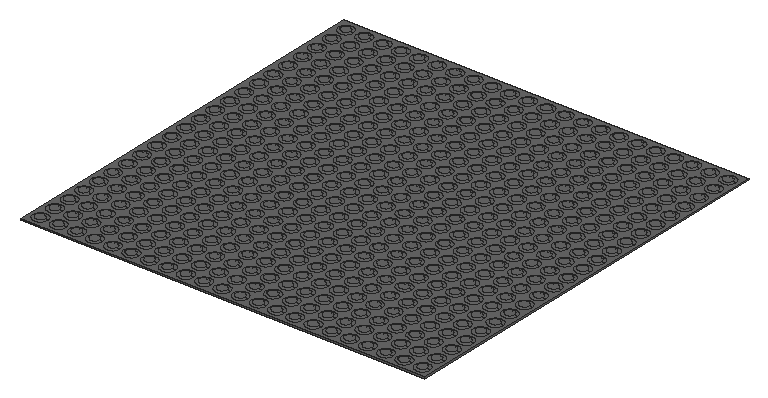
Revit family "141012027113804", category Modelos genéricos, Revit 2018 (continued)
Automatic sketch dimensions
  plane 9 "4" to Blend 81 sketch curve = 385.50 mm  (x2)
  Blend 82 sketch curve to Blend 82 sketch curve = 0.00 mm  (x4)
  Blend 82 sketch curve to plane 6 "3" = 162.50 mm  (x2)
  plane 9 "4" to Blend 82 sketch curve = 340.50 mm  (x2)
  Blend 83 sketch curve to Blend 83 sketch curve = 0.00 mm  (x4)
  plane 9 "4" to Blend 83 sketch curve = 295.50 mm  (x2)
  Blend 83 sketch curve to plane 6 "3" = 162.50 mm  (x2)
  Blend 84 sketch curve to Blend 84 sketch curve = 0.00 mm  (x4)
  plane 9 "4" to Blend 84 sketch curve = 250.50 mm  (x2)
  Blend 84 sketch curve to plane 6 "3" = 162.50 mm  (x2)
  Blend 85 sketch curve to Blend 85 sketch curve = 0.00 mm  (x4)
  plane 9 "4" to Blend 85 sketch curve = 205.50 mm  (x2)
  Blend 85 sketch curve to plane 6 "3" = 162.50 mm  (x2)
  Blend 86 sketch curve to Blend 86 sketch curve = 0.00 mm  (x4)
  plane 9 "4" to Blend 86 sketch curve = 160.50 mm  (x2)
  Blend 86 sketch curve to plane 6 "3" = 162.50 mm  (x2)
  Blend 87 sketch curve to Blend 87 sketch curve = 0.00 mm  (x4)
  plane 9 "4" to Blend 87 sketch curve = 115.50 mm  (x2)
  Blend 87 sketch curve to plane 6 "3" = 162.50 mm  (x2)
  Blend 88 sketch curve to Blend 88 sketch curve = 0.00 mm  (x4)
  plane 9 "4" to Blend 88 sketch curve = 70.50 mm  (x2)
  Blend 88 sketch curve to plane 6 "3" = 162.50 mm  (x2)
  Blend 89 sketch curve to Blend 89 sketch curve = 0.00 mm  (x4)
  plane 9 "4" to Blend 89 sketch curve = 25.50 mm  (x2)
  Blend 89 sketch curve to plane 6 "3" = 162.50 mm  (x2)
  Blend 90 sketch curve to Blend 90 sketch curve = 0.00 mm  (x4)
  Blend 90 sketch curve to plane 7 = 27.50 mm  (x2)
  Blend 90 sketch curve to plane 6 "3" = 207.50 mm  (x2)
  Blend 91 sketch curve to Blend 91 sketch curve = 0.00 mm  (x4)
  Blend 91 sketch curve to plane 7 = 72.50 mm  (x2)
  Blend 91 sketch curve to plane 6 "3" = 207.50 mm  (x2)
  Blend 92 sketch curve to Blend 92 sketch curve = 0.00 mm  (x4)
  Blend 92 sketch curve to plane 7 = 117.50 mm  (x2)
  Blend 92 sketch curve to plane 6 "3" = 207.50 mm  (x2)
  Blend 93 sketch curve to Blend 93 sketch curve = 0.00 mm  (x4)
  Blend 93 sketch curve to plane 7 = 162.50 mm  (x2)
  Blend 93 sketch curve to plane 6 "3" = 207.50 mm  (x2)
  Blend 94 sketch curve to Blend 94 sketch curve = 0.00 mm  (x4)
  Blend 94 sketch curve to plane 7 = 207.50 mm  (x2)
  Blend 94 sketch curve to plane 6 "3" = 207.50 mm  (x2)
  Blend 95 sketch curve to Blend 95 sketch curve = 0.00 mm  (x4)
  Blend 95 sketch curve to plane 7 = 252.50 mm  (x2)
  Blend 95 sketch curve to plane 6 "3" = 207.50 mm  (x2)
  Blend 96 sketch curve to Blend 96 sketch curve = 0.00 mm  (x4)
  Blend 96 sketch curve to plane 7 = 297.50 mm  (x2)
  Blend 96 sketch curve to plane 6 "3" = 207.50 mm  (x2)
  Blend 97 sketch curve to Blend 97 sketch curve = 0.00 mm  (x4)
  Blend 97 sketch curve to plane 7 = 342.50 mm  (x2)
  Blend 97 sketch curve to plane 6 "3" = 207.50 mm  (x2)
  Blend 98 sketch curve to Blend 98 sketch curve = 0.00 mm  (x4)
  Blend 98 sketch curve to plane 7 = 387.50 mm  (x2)
  Blend 98 sketch curve to plane 6 "3" = 207.50 mm  (x2)
  Blend 99 sketch curve to Blend 99 sketch curve = 0.00 mm  (x4)
  Blend 99 sketch curve to plane 6 "3" = 207.50 mm  (x2)
  Blend 99 sketch curve to plane 7 = 432.50 mm  (x2)
  Blend 100 sketch curve to Blend 100 sketch curve = 0.00 mm  (x4)
  Blend 100 sketch curve to plane 6 "3" = 207.50 mm  (x2)
  Blend 100 sketch curve to plane 7 = 477.50 mm  (x2)
  Blend 101 sketch curve to Blend 101 sketch curve = 0.00 mm  (x4)
  Blend 101 sketch curve to plane 6 "3" = 207.50 mm  (x2)
  plane 9 "4" to Blend 101 sketch curve = 475.50 mm  (x2)
  Blend 102 sketch curve to Blend 102 sketch curve = 0.00 mm  (x4)
  Blend 102 sketch curve to plane 6 "3" = 207.50 mm  (x2)
  plane 9 "4" to Blend 102 sketch curve = 430.50 mm  (x2)
  Blend 103 sketch curve to Blend 103 sketch curve = 0.00 mm  (x4)
  plane 9 "4" to Blend 103 sketch curve = 385.50 mm  (x2)
  Blend 103 sketch curve to plane 6 "3" = 207.50 mm  (x2)
  Blend 104 sketch curve to Blend 104 sketch curve = 0.00 mm  (x4)
  plane 9 "4" to Blend 104 sketch curve = 340.50 mm  (x2)
  Blend 104 sketch curve to plane 6 "3" = 207.50 mm  (x2)
  Blend 105 sketch curve to Blend 105 sketch curve = 0.00 mm  (x4)
  plane 9 "4" to Blend 105 sketch curve = 295.50 mm  (x2)
  Blend 105 sketch curve to plane 6 "3" = 207.50 mm  (x2)
  Blend 106 sketch curve to Blend 106 sketch curve = 0.00 mm  (x4)
  plane 9 "4" to Blend 106 sketch curve = 250.50 mm  (x2)
  Blend 106 sketch curve to plane 6 "3" = 207.50 mm  (x2)
  Blend 107 sketch curve to Blend 107 sketch curve = 0.00 mm  (x4)
  plane 9 "4" to Blend 107 sketch curve = 205.50 mm  (x2)
  Blend 107 sketch curve to plane 6 "3" = 207.50 mm  (x2)
  Blend 108 sketch curve to Blend 108 sketch curve = 0.00 mm  (x4)
  plane 9 "4" to Blend 108 sketch curve = 160.50 mm  (x2)
  Blend 108 sketch curve to plane 6 "3" = 207.50 mm  (x2)
  Blend 109 sketch curve to Blend 109 sketch curve = 0.00 mm  (x4)
  plane 9 "4" to Blend 109 sketch curve = 115.50 mm  (x2)
  Blend 109 sketch curve to plane 6 "3" = 207.50 mm  (x2)
  Blend 110 sketch curve to Blend 110 sketch curve = 0.00 mm  (x4)
  plane 9 "4" to Blend 110 sketch curve = 70.50 mm  (x2)
  Blend 110 sketch curve to plane 6 "3" = 207.50 mm  (x2)
  Blend 111 sketch curve to Blend 111 sketch curve = 0.00 mm  (x4)
  plane 9 "4" to Blend 111 sketch curve = 25.50 mm  (x2)
  Blend 111 sketch curve to plane 6 "3" = 207.50 mm  (x2)
  Blend 112 sketch curve to Blend 112 sketch curve = 0.00 mm  (x4)
  Blend 112 sketch curve to plane 7 = 27.50 mm  (x2)
  plane 1 "Center F/B" to Blend 112 sketch curve = 247.50 mm  (x2)
  Blend 113 sketch curve to Blend 113 sketch curve = 0.00 mm  (x4)
  Blend 113 sketch curve to plane 7 = 72.50 mm  (x2)
  plane 1 "Center F/B" to Blend 113 sketch curve = 247.50 mm  (x2)
  Blend 114 sketch curve to Blend 114 sketch curve = 0.00 mm  (x4)
  Blend 114 sketch curve to plane 7 = 117.50 mm  (x2)
  plane 1 "Center F/B" to Blend 114 sketch curve = 247.50 mm  (x2)
  Blend 115 sketch curve to Blend 115 sketch curve = 0.00 mm  (x4)
  Blend 115 sketch curve to plane 7 = 162.50 mm  (x2)
  plane 1 "Center F/B" to Blend 115 sketch curve = 247.50 mm  (x2)
  Blend 116 sketch curve to Blend 116 sketch curve = 0.00 mm  (x4)
  Blend 116 sketch curve to plane 7 = 207.50 mm  (x2)
  plane 1 "Center F/B" to Blend 116 sketch curve = 247.50 mm  (x2)
  Blend 117 sketch curve to Blend 117 sketch curve = 0.00 mm  (x4)
  Blend 117 sketch curve to plane 7 = 252.50 mm  (x2)
  plane 1 "Center F/B" to Blend 117 sketch curve = 247.50 mm  (x2)
  Blend 118 sketch curve to Blend 118 sketch curve = 0.00 mm  (x4)
  Blend 118 sketch curve to plane 7 = 297.50 mm  (x2)
  plane 1 "Center F/B" to Blend 118 sketch curve = 247.50 mm  (x2)
  Blend 119 sketch curve to Blend 119 sketch curve = 0.00 mm  (x4)
  Blend 119 sketch curve to plane 7 = 342.50 mm  (x2)
  plane 1 "Center F/B" to Blend 119 sketch curve = 247.50 mm  (x2)
  Blend 120 sketch curve to Blend 120 sketch curve = 0.00 mm  (x4)
  Blend 120 sketch curve to plane 7 = 387.50 mm  (x2)
  plane 1 "Center F/B" to Blend 120 sketch curve = 247.50 mm  (x2)
  Blend 121 sketch curve to Blend 121 sketch curve = 0.00 mm  (x4)
  Blend 121 sketch curve to plane 7 = 432.50 mm  (x2)
  plane 1 "Center F/B" to Blend 121 sketch curve = 247.50 mm  (x2)
  Blend 122 sketch curve to Blend 122 sketch curve = 0.00 mm  (x4)
  Blend 122 sketch curve to plane 7 = 477.50 mm  (x2)
  plane 1 "Center F/B" to Blend 122 sketch curve = 247.50 mm  (x2)
  Blend 123 sketch curve to Blend 123 sketch curve = 0.00 mm  (x4)
  plane 9 "4" to Blend 123 sketch curve = 475.50 mm  (x2)
  plane 1 "Center F/B" to Blend 123 sketch curve = 247.50 mm  (x2)
  Blend 124 sketch curve to Blend 124 sketch curve = 0.00 mm  (x4)
  plane 9 "4" to Blend 124 sketch curve = 430.50 mm  (x2)
  plane 1 "Center F/B" to Blend 124 sketch curve = 247.50 mm  (x2)
  Blend 125 sketch curve to Blend 125 sketch curve = 0.00 mm  (x4)
  plane 9 "4" to Blend 125 sketch curve = 385.50 mm  (x2)
  plane 1 "Center F/B" to Blend 125 sketch curve = 247.50 mm  (x2)
  Blend 126 sketch curve to Blend 126 sketch curve = 0.00 mm  (x4)
  plane 9 "4" to Blend 126 sketch curve = 340.50 mm  (x2)
  plane 1 "Center F/B" to Blend 126 sketch curve = 247.50 mm  (x2)
  Blend 127 sketch curve to Blend 127 sketch curve = 0.00 mm  (x4)
  plane 9 "4" to Blend 127 sketch curve = 295.50 mm  (x2)
  plane 1 "Center F/B" to Blend 127 sketch curve = 247.50 mm  (x2)
  Blend 128 sketch curve to Blend 128 sketch curve = 0.00 mm  (x4)
  plane 9 "4" to Blend 128 sketch curve = 250.50 mm  (x2)
  plane 1 "Center F/B" to Blend 128 sketch curve = 247.50 mm  (x2)
  Blend 129 sketch curve to Blend 129 sketch curve = 0.00 mm  (x4)
  plane 9 "4" to Blend 129 sketch curve = 205.50 mm  (x2)
  plane 1 "Center F/B" to Blend 129 sketch curve = 247.50 mm  (x2)
  Blend 130 sketch curve to Blend 130 sketch curve = 0.00 mm  (x4)
  plane 9 "4" to Blend 130 sketch curve = 160.50 mm  (x2)
  plane 1 "Center F/B" to Blend 130 sketch curve = 247.50 mm  (x2)
  Blend 131 sketch curve to Blend 131 sketch curve = 0.00 mm  (x4)
  plane 9 "4" to Blend 131 sketch curve = 115.50 mm  (x2)
  plane 1 "Center F/B" to Blend 131 sketch curve = 247.50 mm  (x2)
  Blend 132 sketch curve to Blend 132 sketch curve = 0.00 mm  (x4)
  plane 9 "4" to Blend 132 sketch curve = 70.50 mm  (x2)
  plane 1 "Center F/B" to Blend 132 sketch curve = 247.50 mm  (x2)
  Blend 133 sketch curve to Blend 133 sketch curve = 0.00 mm  (x4)
  plane 9 "4" to Blend 133 sketch curve = 25.50 mm  (x2)
  plane 1 "Center F/B" to Blend 133 sketch curve = 247.50 mm  (x2)
  Blend 134 sketch curve to Blend 134 sketch curve = 0.00 mm  (x4)
  Blend 134 sketch curve to plane 7 = 27.50 mm  (x2)
  plane 1 "Center F/B" to Blend 134 sketch curve = 202.50 mm  (x2)
  Blend 135 sketch curve to Blend 135 sketch curve = 0.00 mm  (x4)
  Blend 135 sketch curve to plane 7 = 72.50 mm  (x2)
  plane 1 "Center F/B" to Blend 135 sketch curve = 202.50 mm  (x2)
  Blend 136 sketch curve to Blend 136 sketch curve = 0.00 mm  (x4)
  Blend 136 sketch curve to plane 7 = 117.50 mm  (x2)
  plane 1 "Center F/B" to Blend 136 sketch curve = 202.50 mm  (x2)
  Blend 137 sketch curve to Blend 137 sketch curve = 0.00 mm  (x4)
  Blend 137 sketch curve to plane 7 = 162.50 mm  (x2)
  plane 1 "Center F/B" to Blend 137 sketch curve = 202.50 mm  (x2)
  Blend 138 sketch curve to Blend 138 sketch curve = 0.00 mm  (x4)
  Blend 138 sketch curve to plane 7 = 207.50 mm  (x2)
  plane 1 "Center F/B" to Blend 138 sketch curve = 202.50 mm  (x2)
  Blend 139 sketch curve to Blend 139 sketch curve = 0.00 mm  (x4)
  Blend 139 sketch curve to plane 7 = 252.50 mm  (x2)
  plane 1 "Center F/B" to Blend 139 sketch curve = 202.50 mm  (x2)
  Blend 140 sketch curve to Blend 140 sketch curve = 0.00 mm  (x4)
  Blend 140 sketch curve to plane 7 = 297.50 mm  (x2)
  plane 1 "Center F/B" to Blend 140 sketch curve = 202.50 mm  (x2)
  Blend 141 sketch curve to Blend 141 sketch curve = 0.00 mm  (x4)
  Blend 141 sketch curve to plane 7 = 342.50 mm  (x2)
  plane 1 "Center F/B" to Blend 141 sketch curve = 202.50 mm  (x2)
  Blend 142 sketch curve to Blend 142 sketch curve = 0.00 mm  (x4)
  Blend 142 sketch curve to plane 7 = 387.50 mm  (x2)
  plane 1 "Center F/B" to Blend 142 sketch curve = 202.50 mm  (x2)
  Blend 143 sketch curve to Blend 143 sketch curve = 0.00 mm  (x4)
  plane 1 "Center F/B" to Blend 143 sketch curve = 202.50 mm  (x2)
  Blend 143 sketch curve to plane 7 = 432.50 mm  (x2)
  Blend 144 sketch curve to Blend 144 sketch curve = 0.00 mm  (x4)
  plane 1 "Center F/B" to Blend 144 sketch curve = 202.50 mm  (x2)
  Blend 144 sketch curve to plane 7 = 477.50 mm  (x2)
  Blend 145 sketch curve to Blend 145 sketch curve = 0.00 mm  (x4)
  plane 1 "Center F/B" to Blend 145 sketch curve = 202.50 mm  (x2)
  plane 9 "4" to Blend 145 sketch curve = 475.50 mm  (x2)
  Blend 146 sketch curve to Blend 146 sketch curve = 0.00 mm  (x4)
  plane 1 "Center F/B" to Blend 146 sketch curve = 202.50 mm  (x2)
  plane 9 "4" to Blend 146 sketch curve = 430.50 mm  (x2)
  Blend 147 sketch curve to Blend 147 sketch curve = 0.00 mm  (x4)
  plane 9 "4" to Blend 147 sketch curve = 385.50 mm  (x2)
  plane 1 "Center F/B" to Blend 147 sketch curve = 202.50 mm  (x2)
  Blend 148 sketch curve to Blend 148 sketch curve = 0.00 mm  (x4)
  plane 9 "4" to Blend 148 sketch curve = 340.50 mm  (x2)
  plane 1 "Center F/B" to Blend 148 sketch curve = 202.50 mm  (x2)
  Blend 149 sketch curve to Blend 149 sketch curve = 0.00 mm  (x4)
  plane 9 "4" to Blend 149 sketch curve = 295.50 mm  (x2)
  plane 1 "Center F/B" to Blend 149 sketch curve = 202.50 mm  (x2)
  Blend 150 sketch curve to Blend 150 sketch curve = 0.00 mm  (x4)
  plane 9 "4" to Blend 150 sketch curve = 250.50 mm  (x2)
  plane 1 "Center F/B" to Blend 150 sketch curve = 202.50 mm  (x2)
  Blend 151 sketch curve to Blend 151 sketch curve = 0.00 mm  (x4)
  plane 9 "4" to Blend 151 sketch curve = 205.50 mm  (x2)
  plane 1 "Center F/B" to Blend 151 sketch curve = 202.50 mm  (x2)
  Blend 152 sketch curve to Blend 152 sketch curve = 0.00 mm  (x4)
  plane 9 "4" to Blend 152 sketch curve = 160.50 mm  (x2)
  plane 1 "Center F/B" to Blend 152 sketch curve = 202.50 mm  (x2)
  Blend 153 sketch curve to Blend 153 sketch curve = 0.00 mm  (x4)
  plane 9 "4" to Blend 153 sketch curve = 115.50 mm  (x2)
  plane 1 "Center F/B" to Blend 153 sketch curve = 202.50 mm  (x2)
  Blend 154 sketch curve to Blend 154 sketch curve = 0.00 mm  (x4)
  plane 9 "4" to Blend 154 sketch curve = 70.50 mm  (x2)
  plane 1 "Center F/B" to Blend 154 sketch curve = 202.50 mm  (x2)
  Blend 155 sketch curve to Blend 155 sketch curve = 0.00 mm  (x4)
  plane 9 "4" to Blend 155 sketch curve = 25.50 mm  (x2)
  plane 1 "Center F/B" to Blend 155 sketch curve = 202.50 mm  (x2)
  Blend 156 sketch curve to Blend 156 sketch curve = 0.00 mm  (x4)
  Blend 156 sketch curve to plane 7 = 27.50 mm  (x2)
  plane 1 "Center F/B" to Blend 156 sketch curve = 157.50 mm  (x2)
  Blend 157 sketch curve to Blend 157 sketch curve = 0.00 mm  (x4)
  Blend 157 sketch curve to plane 7 = 72.50 mm  (x2)
  plane 1 "Center F/B" to Blend 157 sketch curve = 157.50 mm  (x2)
  Blend 158 sketch curve to Blend 158 sketch curve = 0.00 mm  (x4)
  Blend 158 sketch curve to plane 7 = 117.50 mm  (x2)
  plane 1 "Center F/B" to Blend 158 sketch curve = 157.50 mm  (x2)
  Blend 159 sketch curve to Blend 159 sketch curve = 0.00 mm  (x4)
  Blend 159 sketch curve to plane 7 = 162.50 mm  (x2)
  plane 1 "Center F/B" to Blend 159 sketch curve = 157.50 mm  (x2)
  Blend 160 sketch curve to Blend 160 sketch curve = 0.00 mm  (x4)
  Blend 160 sketch curve to plane 7 = 207.50 mm  (x2)
  plane 1 "Center F/B" to Blend 160 sketch curve = 157.50 mm  (x2)
  Blend 161 sketch curve to Blend 161 sketch curve = 0.00 mm  (x4)
  Blend 161 sketch curve to plane 7 = 252.50 mm  (x2)
  plane 1 "Center F/B" to Blend 161 sketch curve = 157.50 mm  (x2)
  Blend 162 sketch curve to Blend 162 sketch curve = 0.00 mm  (x4)
  Blend 162 sketch curve to plane 7 = 297.50 mm  (x2)
  plane 1 "Center F/B" to Blend 162 sketch curve = 157.50 mm  (x2)
  Blend 163 sketch curve to Blend 163 sketch curve = 0.00 mm  (x4)
  plane 1 "Center F/B" to Blend 163 sketch curve = 157.50 mm  (x2)
  Blend 163 sketch curve to plane 7 = 342.50 mm  (x2)
  Blend 164 sketch curve to Blend 164 sketch curve = 0.00 mm  (x4)
  plane 1 "Center F/B" to Blend 164 sketch curve = 157.50 mm  (x2)
  Blend 164 sketch curve to plane 7 = 387.50 mm  (x2)
  Blend 165 sketch curve to Blend 165 sketch curve = 0.00 mm  (x4)
  plane 1 "Center F/B" to Blend 165 sketch curve = 157.50 mm  (x2)
  Blend 165 sketch curve to plane 7 = 432.50 mm  (x2)
  Blend 166 sketch curve to Blend 166 sketch curve = 0.00 mm  (x4)
  plane 1 "Center F/B" to Blend 166 sketch curve = 157.50 mm  (x2)
  Blend 166 sketch curve to plane 7 = 477.50 mm  (x2)
  Blend 167 sketch curve to Blend 167 sketch curve = 0.00 mm  (x4)
  plane 1 "Center F/B" to Blend 167 sketch curve = 157.50 mm  (x2)
  plane 9 "4" to Blend 167 sketch curve = 475.50 mm  (x2)
  Blend 168 sketch curve to Blend 168 sketch curve = 0.00 mm  (x4)
  plane 1 "Center F/B" to Blend 168 sketch curve = 157.50 mm  (x2)
  plane 9 "4" to Blend 168 sketch curve = 430.50 mm  (x2)
  Blend 169 sketch curve to Blend 169 sketch curve = 0.00 mm  (x4)
  plane 1 "Center F/B" to Blend 169 sketch curve = 157.50 mm  (x2)
  plane 9 "4" to Blend 169 sketch curve = 385.50 mm  (x2)
  Blend 170 sketch curve to Blend 170 sketch curve = 0.00 mm  (x4)
  plane 1 "Center F/B" to Blend 170 sketch curve = 157.50 mm  (x2)
  plane 9 "4" to Blend 170 sketch curve = 340.50 mm  (x2)
  Blend 171 sketch curve to Blend 171 sketch curve = 0.00 mm  (x4)
  plane 9 "4" to Blend 171 sketch curve = 295.50 mm  (x2)
  plane 1 "Center F/B" to Blend 171 sketch curve = 157.50 mm  (x2)
  Blend 172 sketch curve to Blend 172 sketch curve = 0.00 mm  (x4)
  plane 9 "4" to Blend 172 sketch curve = 250.50 mm  (x2)
  plane 1 "Center F/B" to Blend 172 sketch curve = 157.50 mm  (x2)
  Blend 173 sketch curve to Blend 173 sketch curve = 0.00 mm  (x4)
  plane 9 "4" to Blend 173 sketch curve = 205.50 mm  (x2)
  plane 1 "Center F/B" to Blend 173 sketch curve = 157.50 mm  (x2)
  Blend 174 sketch curve to Blend 174 sketch curve = 0.00 mm  (x4)
  plane 9 "4" to Blend 174 sketch curve = 160.50 mm  (x2)
  plane 1 "Center F/B" to Blend 174 sketch curve = 157.50 mm  (x2)
  Blend 175 sketch curve to Blend 175 sketch curve = 0.00 mm  (x4)
  plane 9 "4" to Blend 175 sketch curve = 115.50 mm  (x2)
  plane 1 "Center F/B" to Blend 175 sketch curve = 157.50 mm  (x2)
  Blend 176 sketch curve to Blend 176 sketch curve = 0.00 mm  (x4)
  plane 9 "4" to Blend 176 sketch curve = 70.50 mm  (x2)
  plane 1 "Center F/B" to Blend 176 sketch curve = 157.50 mm  (x2)
  Blend 177 sketch curve to Blend 177 sketch curve = 0.00 mm  (x4)
  plane 9 "4" to Blend 177 sketch curve = 25.50 mm  (x2)
  plane 1 "Center F/B" to Blend 177 sketch curve = 157.50 mm  (x2)
  Blend 178 sketch curve to Blend 178 sketch curve = 0.00 mm  (x4)
  Blend 178 sketch curve to plane 7 = 27.50 mm  (x2)
  plane 1 "Center F/B" to Blend 178 sketch curve = 112.50 mm  (x2)
  Blend 179 sketch curve to Blend 179 sketch curve = 0.00 mm  (x4)
  Blend 179 sketch curve to plane 7 = 72.50 mm  (x2)
  plane 1 "Center F/B" to Blend 179 sketch curve = 112.50 mm  (x2)
  Blend 180 sketch curve to Blend 180 sketch curve = 0.00 mm  (x4)
  Blend 180 sketch curve to plane 7 = 117.50 mm  (x2)
  plane 1 "Center F/B" to Blend 180 sketch curve = 112.50 mm  (x2)
  Blend 181 sketch curve to Blend 181 sketch curve = 0.00 mm  (x4)
  Blend 181 sketch curve to plane 7 = 162.50 mm  (x2)
  plane 1 "Center F/B" to Blend 181 sketch curve = 112.50 mm  (x2)
  Blend 182 sketch curve to Blend 182 sketch curve = 0.00 mm  (x4)
  Blend 182 sketch curve to plane 7 = 207.50 mm  (x2)
  plane 1 "Center F/B" to Blend 182 sketch curve = 112.50 mm  (x2)
  Blend 183 sketch curve to Blend 183 sketch curve = 0.00 mm  (x4)
  plane 1 "Center F/B" to Blend 183 sketch curve = 112.50 mm  (x2)
  Blend 183 sketch curve to plane 7 = 252.50 mm  (x2)
  Blend 184 sketch curve to Blend 184 sketch curve = 0.00 mm  (x4)
  plane 1 "Center F/B" to Blend 184 sketch curve = 112.50 mm  (x2)
  Blend 184 sketch curve to plane 7 = 297.50 mm  (x2)
  Blend 185 sketch curve to Blend 185 sketch curve = 0.00 mm  (x4)
  plane 1 "Center F/B" to Blend 185 sketch curve = 112.50 mm  (x2)
  Blend 185 sketch curve to plane 7 = 342.50 mm  (x2)
  Blend 186 sketch curve to Blend 186 sketch curve = 0.00 mm  (x4)
  plane 1 "Center F/B" to Blend 186 sketch curve = 112.50 mm  (x2)
  Blend 186 sketch curve to plane 7 = 387.50 mm  (x2)
  Blend 187 sketch curve to Blend 187 sketch curve = 0.00 mm  (x4)
  plane 1 "Center F/B" to Blend 187 sketch curve = 112.50 mm  (x2)
  Blend 187 sketch curve to plane 7 = 432.50 mm  (x2)
  Blend 188 sketch curve to Blend 188 sketch curve = 0.00 mm  (x4)
  plane 1 "Center F/B" to Blend 188 sketch curve = 112.50 mm  (x2)
  Blend 188 sketch curve to plane 7 = 477.50 mm  (x2)
  Blend 189 sketch curve to Blend 189 sketch curve = 0.00 mm  (x4)
  plane 1 "Center F/B" to Blend 189 sketch curve = 112.50 mm  (x2)
  plane 9 "4" to Blend 189 sketch curve = 475.50 mm  (x2)
  Blend 190 sketch curve to Blend 190 sketch curve = 0.00 mm  (x4)
  plane 1 "Center F/B" to Blend 190 sketch curve = 112.50 mm  (x2)
  plane 9 "4" to Blend 190 sketch curve = 430.50 mm  (x2)
  Blend 191 sketch curve to Blend 191 sketch curve = 0.00 mm  (x4)
  plane 1 "Center F/B" to Blend 191 sketch curve = 112.50 mm  (x2)
  plane 9 "4" to Blend 191 sketch curve = 385.50 mm  (x2)
  Blend 192 sketch curve to Blend 192 sketch curve = 0.00 mm  (x4)
  plane 1 "Center F/B" to Blend 192 sketch curve = 112.50 mm  (x2)
  plane 9 "4" to Blend 192 sketch curve = 340.50 mm  (x2)
  Blend 193 sketch curve to Blend 193 sketch curve = 0.00 mm  (x4)
  plane 1 "Center F/B" to Blend 193 sketch curve = 112.50 mm  (x2)
  plane 9 "4" to Blend 193 sketch curve = 295.50 mm  (x2)
  Blend 194 sketch curve to Blend 194 sketch curve = 0.00 mm  (x4)
  plane 1 "Center F/B" to Blend 194 sketch curve = 112.50 mm  (x2)
  plane 9 "4" to Blend 194 sketch curve = 250.50 mm  (x2)
  Blend 195 sketch curve to Blend 195 sketch curve = 0.00 mm  (x4)
  plane 9 "4" to Blend 195 sketch curve = 205.50 mm  (x2)
  plane 1 "Center F/B" to Blend 195 sketch curve = 112.50 mm  (x2)
  Blend 196 sketch curve to Blend 196 sketch curve = 0.00 mm  (x4)
  plane 9 "4" to Blend 196 sketch curve = 160.50 mm  (x2)
  plane 1 "Center F/B" to Blend 196 sketch curve = 112.50 mm  (x2)
  Blend 197 sketch curve to Blend 197 sketch curve = 0.00 mm  (x4)
  plane 9 "4" to Blend 197 sketch curve = 115.50 mm  (x2)
  plane 1 "Center F/B" to Blend 197 sketch curve = 112.50 mm  (x2)
  Blend 198 sketch curve to Blend 198 sketch curve = 0.00 mm  (x4)
  plane 9 "4" to Blend 198 sketch curve = 70.50 mm  (x2)
  plane 1 "Center F/B" to Blend 198 sketch curve = 112.50 mm  (x2)
  Blend 199 sketch curve to Blend 199 sketch curve = 0.00 mm  (x4)
  plane 9 "4" to Blend 199 sketch curve = 25.50 mm  (x2)
  plane 1 "Center F/B" to Blend 199 sketch curve = 112.50 mm  (x2)
  Blend 200 sketch curve to Blend 200 sketch curve = 0.00 mm  (x4)
  Blend 200 sketch curve to plane 7 = 27.50 mm  (x2)
  plane 1 "Center F/B" to Blend 200 sketch curve = 67.50 mm  (x2)
  Blend 201 sketch curve to Blend 201 sketch curve = 0.00 mm  (x4)
  Blend 201 sketch curve to plane 7 = 72.50 mm  (x2)
  plane 1 "Center F/B" to Blend 201 sketch curve = 67.50 mm  (x2)
  Blend 202 sketch curve to Blend 202 sketch curve = 0.00 mm  (x4)
  Blend 202 sketch curve to plane 7 = 117.50 mm  (x2)
  plane 1 "Center F/B" to Blend 202 sketch curve = 67.50 mm  (x2)
  Blend 203 sketch curve to Blend 203 sketch curve = 0.00 mm  (x4)
  plane 1 "Center F/B" to Blend 203 sketch curve = 67.50 mm  (x2)
  Blend 203 sketch curve to plane 7 = 162.50 mm  (x2)
  Blend 204 sketch curve to Blend 204 sketch curve = 0.00 mm  (x4)
  plane 1 "Center F/B" to Blend 204 sketch curve = 67.50 mm  (x2)
  Blend 204 sketch curve to plane 7 = 207.50 mm  (x2)
  Blend 205 sketch curve to Blend 205 sketch curve = 0.00 mm  (x4)
  plane 1 "Center F/B" to Blend 205 sketch curve = 67.50 mm  (x2)
  Blend 205 sketch curve to plane 7 = 252.50 mm  (x2)
  Blend 206 sketch curve to Blend 206 sketch curve = 0.00 mm  (x4)
  plane 1 "Center F/B" to Blend 206 sketch curve = 67.50 mm  (x2)
  Blend 206 sketch curve to plane 7 = 297.50 mm  (x2)
  Blend 207 sketch curve to Blend 207 sketch curve = 0.00 mm  (x4)
  plane 1 "Center F/B" to Blend 207 sketch curve = 67.50 mm  (x2)
  Blend 207 sketch curve to plane 7 = 342.50 mm  (x2)
  Blend 208 sketch curve to Blend 208 sketch curve = 0.00 mm  (x4)
  plane 1 "Center F/B" to Blend 208 sketch curve = 67.50 mm  (x2)
  Blend 208 sketch curve to plane 7 = 387.50 mm  (x2)
  Blend 209 sketch curve to Blend 209 sketch curve = 0.00 mm  (x4)
  plane 1 "Center F/B" to Blend 209 sketch curve = 67.50 mm  (x2)
  Blend 209 sketch curve to plane 7 = 432.50 mm  (x2)
  Blend 210 sketch curve to Blend 210 sketch curve = 0.00 mm  (x4)
  plane 1 "Center F/B" to Blend 210 sketch curve = 67.50 mm  (x2)
  Blend 210 sketch curve to plane 7 = 477.50 mm  (x2)
  Blend 211 sketch curve to Blend 211 sketch curve = 0.00 mm  (x4)
  plane 1 "Center F/B" to Blend 211 sketch curve = 67.50 mm  (x2)
  plane 9 "4" to Blend 211 sketch curve = 475.50 mm  (x2)
  Blend 212 sketch curve to Blend 212 sketch curve = 0.00 mm  (x4)
  plane 1 "Center F/B" to Blend 212 sketch curve = 67.50 mm  (x2)
  plane 9 "4" to Blend 212 sketch curve = 430.50 mm  (x2)
  Blend 213 sketch curve to Blend 213 sketch curve = 0.00 mm  (x4)
  plane 1 "Center F/B" to Blend 213 sketch curve = 67.50 mm  (x2)
  plane 9 "4" to Blend 213 sketch curve = 385.50 mm  (x2)
  Blend 214 sketch curve to Blend 214 sketch curve = 0.00 mm  (x4)
  plane 1 "Center F/B" to Blend 214 sketch curve = 67.50 mm  (x2)
  plane 9 "4" to Blend 214 sketch curve = 340.50 mm  (x2)
  Blend 215 sketch curve to Blend 215 sketch curve = 0.00 mm  (x4)
  plane 1 "Center F/B" to Blend 215 sketch curve = 67.50 mm  (x2)
  plane 9 "4" to Blend 215 sketch curve = 295.50 mm  (x2)
  Blend 216 sketch curve to Blend 216 sketch curve = 0.00 mm  (x4)
  plane 1 "Center F/B" to Blend 216 sketch curve = 67.50 mm  (x2)
  plane 9 "4" to Blend 216 sketch curve = 250.50 mm  (x2)
  Blend 217 sketch curve to Blend 217 sketch curve = 0.00 mm  (x4)
  plane 1 "Center F/B" to Blend 217 sketch curve = 67.50 mm  (x2)
  plane 9 "4" to Blend 217 sketch curve = 205.50 mm  (x2)
  Blend 218 sketch curve to Blend 218 sketch curve = 0.00 mm  (x4)
  plane 1 "Center F/B" to Blend 218 sketch curve = 67.50 mm  (x2)
  plane 9 "4" to Blend 218 sketch curve = 160.50 mm  (x2)
  Blend 219 sketch curve to Blend 219 sketch curve = 0.00 mm  (x4)
  plane 9 "4" to Blend 219 sketch curve = 115.50 mm  (x2)
  plane 1 "Center F/B" to Blend 219 sketch curve = 67.50 mm  (x2)
  Blend 220 sketch curve to Blend 220 sketch curve = 0.00 mm  (x4)
  plane 9 "4" to Blend 220 sketch curve = 70.50 mm  (x2)
  plane 1 "Center F/B" to Blend 220 sketch curve = 67.50 mm  (x2)
  Blend 221 sketch curve to Blend 221 sketch curve = 0.00 mm  (x4)
  plane 9 "4" to Blend 221 sketch curve = 25.50 mm  (x2)
  plane 1 "Center F/B" to Blend 221 sketch curve = 67.50 mm  (x2)
  Blend 222 sketch curve to Blend 222 sketch curve = 0.00 mm  (x4)
  Blend 222 sketch curve to plane 7 = 27.50 mm  (x2)
  plane 1 "Center F/B" to Blend 222 sketch curve = 22.50 mm  (x2)
  Blend 223 sketch curve to Blend 223 sketch curve = 0.00 mm  (x4)
  plane 1 "Center F/B" to Blend 223 sketch curve = 22.50 mm  (x2)
  Blend 223 sketch curve to plane 7 = 72.50 mm  (x2)
  Blend 224 sketch curve to Blend 224 sketch curve = 0.00 mm  (x4)
  plane 1 "Center F/B" to Blend 224 sketch curve = 22.50 mm  (x2)
  Blend 224 sketch curve to plane 7 = 117.50 mm  (x2)
  Blend 225 sketch curve to Blend 225 sketch curve = 0.00 mm  (x4)
  plane 1 "Center F/B" to Blend 225 sketch curve = 22.50 mm  (x2)
  Blend 225 sketch curve to plane 7 = 162.50 mm  (x2)
  Blend 226 sketch curve to Blend 226 sketch curve = 0.00 mm  (x4)
  plane 1 "Center F/B" to Blend 226 sketch curve = 22.50 mm  (x2)
  Blend 226 sketch curve to plane 7 = 207.50 mm  (x2)
  Blend 227 sketch curve to Blend 227 sketch curve = 0.00 mm  (x4)
  plane 1 "Center F/B" to Blend 227 sketch curve = 22.50 mm  (x2)
  Blend 227 sketch curve to plane 7 = 252.50 mm  (x2)
  Blend 228 sketch curve to Blend 228 sketch curve = 0.00 mm  (x4)
  plane 1 "Center F/B" to Blend 228 sketch curve = 22.50 mm  (x2)
  Blend 228 sketch curve to plane 7 = 297.50 mm  (x2)
  Blend 229 sketch curve to Blend 229 sketch curve = 0.00 mm  (x4)
  plane 1 "Center F/B" to Blend 229 sketch curve = 22.50 mm  (x2)
  Blend 229 sketch curve to plane 7 = 342.50 mm  (x2)
  Blend 230 sketch curve to Blend 230 sketch curve = 0.00 mm  (x4)
  plane 1 "Center F/B" to Blend 230 sketch curve = 22.50 mm  (x2)
  Blend 230 sketch curve to plane 7 = 387.50 mm  (x2)
  Blend 231 sketch curve to Blend 231 sketch curve = 0.00 mm  (x4)
  plane 1 "Center F/B" to Blend 231 sketch curve = 22.50 mm  (x2)
  Blend 231 sketch curve to plane 7 = 432.50 mm  (x2)
  Blend 232 sketch curve to Blend 232 sketch curve = 0.00 mm  (x4)
  plane 1 "Center F/B" to Blend 232 sketch curve = 22.50 mm  (x2)
  Blend 232 sketch curve to plane 7 = 477.50 mm  (x2)
  Blend 233 sketch curve to Blend 233 sketch curve = 0.00 mm  (x4)
  plane 1 "Center F/B" to Blend 233 sketch curve = 22.50 mm  (x2)
  plane 9 "4" to Blend 233 sketch curve = 475.50 mm  (x2)
  Blend 234 sketch curve to Blend 234 sketch curve = 0.00 mm  (x4)
  plane 1 "Center F/B" to Blend 234 sketch curve = 22.50 mm  (x2)
  plane 9 "4" to Blend 234 sketch curve = 430.50 mm  (x2)
  Blend 235 sketch curve to Blend 235 sketch curve = 0.00 mm  (x4)
  plane 1 "Center F/B" to Blend 235 sketch curve = 22.50 mm  (x2)
  plane 9 "4" to Blend 235 sketch curve = 385.50 mm  (x2)
  Blend 236 sketch curve to Blend 236 sketch curve = 0.00 mm  (x4)
  plane 1 "Center F/B" to Blend 236 sketch curve = 22.50 mm  (x2)
  plane 9 "4" to Blend 236 sketch curve = 340.50 mm  (x2)
  Blend 237 sketch curve to Blend 237 sketch curve = 0.00 mm  (x4)
  plane 1 "Center F/B" to Blend 237 sketch curve = 22.50 mm  (x2)
  plane 9 "4" to Blend 237 sketch curve = 295.50 mm  (x2)
  Blend 238 sketch curve to Blend 238 sketch curve = 0.00 mm  (x4)
  plane 1 "Center F/B" to Blend 238 sketch curve = 22.50 mm  (x2)
  plane 9 "4" to Blend 238 sketch curve = 250.50 mm  (x2)
  Blend 239 sketch curve to Blend 239 sketch curve = 0.00 mm  (x4)
  plane 1 "Center F/B" to Blend 239 sketch curve = 22.50 mm  (x2)
  plane 9 "4" to Blend 239 sketch curve = 205.50 mm  (x2)
  Blend 240 sketch curve to Blend 240 sketch curve = 0.00 mm  (x4)
  plane 1 "Center F/B" to Blend 240 sketch curve = 22.50 mm  (x2)
  plane 9 "4" to Blend 240 sketch curve = 160.50 mm  (x2)
  Blend 241 sketch curve to Blend 241 sketch curve = 0.00 mm  (x4)
  plane 1 "Center F/B" to Blend 241 sketch curve = 22.50 mm  (x2)
  plane 9 "4" to Blend 241 sketch curve = 115.50 mm  (x2)
  Blend 242 sketch curve to Blend 242 sketch curve = 0.00 mm  (x4)
  plane 1 "Center F/B" to Blend 242 sketch curve = 22.50 mm  (x2)
  plane 9 "4" to Blend 242 sketch curve = 70.50 mm  (x2)
  Blend 243 sketch curve to Blend 243 sketch curve = 0.00 mm  (x4)
  plane 9 "4" to Blend 243 sketch curve = 25.50 mm  (x2)
  plane 1 "Center F/B" to Blend 243 sketch curve = 22.50 mm  (x2)
  Blend 244 sketch curve to Blend 244 sketch curve = 0.00 mm  (x4)
  Blend 244 sketch curve to plane 7 = 27.50 mm  (x2)
  Blend 244 sketch curve to plane 1 "Center F/B" = 22.50 mm  (x2)
  Blend 245 sketch curve to Blend 245 sketch curve = 0.00 mm  (x4)
  Blend 245 sketch curve to plane 1 "Center F/B" = 22.50 mm  (x2)
  Blend 245 sketch curve to plane 7 = 72.50 mm  (x2)
  Blend 246 sketch curve to Blend 246 sketch curve = 0.00 mm  (x4)
  Blend 246 sketch curve to plane 1 "Center F/B" = 22.50 mm  (x2)
  Blend 246 sketch curve to plane 7 = 117.50 mm  (x2)
  Blend 247 sketch curve to Blend 247 sketch curve = 0.00 mm  (x4)
  Blend 247 sketch curve to plane 1 "Center F/B" = 22.50 mm  (x2)
  Blend 247 sketch curve to plane 7 = 162.50 mm  (x2)
  Blend 248 sketch curve to Blend 248 sketch curve = 0.00 mm  (x4)
  Blend 248 sketch curve to plane 1 "Center F/B" = 22.50 mm  (x2)
  Blend 248 sketch curve to plane 7 = 207.50 mm  (x2)
  Blend 249 sketch curve to Blend 249 sketch curve = 0.00 mm  (x4)
  Blend 249 sketch curve to plane 1 "Center F/B" = 22.50 mm  (x2)
  Blend 249 sketch curve to plane 7 = 252.50 mm  (x2)
  Blend 250 sketch curve to Blend 250 sketch curve = 0.00 mm  (x4)
  Blend 250 sketch curve to plane 1 "Center F/B" = 22.50 mm  (x2)
  Blend 250 sketch curve to plane 7 = 297.50 mm  (x2)
  Blend 251 sketch curve to Blend 251 sketch curve = 0.00 mm  (x4)
  Blend 251 sketch curve to plane 1 "Center F/B" = 22.50 mm  (x2)
  Blend 251 sketch curve to plane 7 = 342.50 mm  (x2)
  Blend 252 sketch curve to Blend 252 sketch curve = 0.00 mm  (x4)
  Blend 252 sketch curve to plane 1 "Center F/B" = 22.50 mm  (x2)
  Blend 252 sketch curve to plane 7 = 387.50 mm  (x2)
  Blend 253 sketch curve to Blend 253 sketch curve = 0.00 mm  (x4)
  Blend 253 sketch curve to plane 1 "Center F/B" = 22.50 mm  (x2)
  Blend 253 sketch curve to plane 7 = 432.50 mm  (x2)
  Blend 254 sketch curve to Blend 254 sketch curve = 0.00 mm  (x4)
  Blend 254 sketch curve to plane 1 "Center F/B" = 22.50 mm  (x2)
  Blend 254 sketch curve to plane 7 = 477.50 mm  (x2)
  Blend 255 sketch curve to Blend 255 sketch curve = 0.00 mm  (x4)
  Blend 255 sketch curve to plane 1 "Center F/B" = 22.50 mm  (x2)
  plane 9 "4" to Blend 255 sketch curve = 475.50 mm  (x2)
  Blend 256 sketch curve to Blend 256 sketch curve = 0.00 mm  (x4)
  Blend 256 sketch curve to plane 1 "Center F/B" = 22.50 mm  (x2)
  plane 9 "4" to Blend 256 sketch curve = 430.50 mm  (x2)
  Blend 257 sketch curve to Blend 257 sketch curve = 0.00 mm  (x4)
  Blend 257 sketch curve to plane 1 "Center F/B" = 22.50 mm  (x2)
  plane 9 "4" to Blend 257 sketch curve = 385.50 mm  (x2)
  Blend 258 sketch curve to Blend 258 sketch curve = 0.00 mm  (x4)
  Blend 258 sketch curve to plane 1 "Center F/B" = 22.50 mm  (x2)
  plane 9 "4" to Blend 258 sketch curve = 340.50 mm  (x2)
  Blend 259 sketch curve to Blend 259 sketch curve = 0.00 mm  (x4)
  Blend 259 sketch curve to plane 1 "Center F/B" = 22.50 mm  (x2)
  plane 9 "4" to Blend 259 sketch curve = 295.50 mm  (x2)
  Blend 260 sketch curve to Blend 260 sketch curve = 0.00 mm  (x4)
  Blend 260 sketch curve to plane 1 "Center F/B" = 22.50 mm  (x2)
  plane 9 "4" to Blend 260 sketch curve = 250.50 mm  (x2)
  Blend 261 sketch curve to Blend 261 sketch curve = 0.00 mm  (x4)
  Blend 261 sketch curve to plane 1 "Center F/B" = 22.50 mm  (x2)
  plane 9 "4" to Blend 261 sketch curve = 205.50 mm  (x2)
  Blend 262 sketch curve to Blend 262 sketch curve = 0.00 mm  (x4)
  Blend 262 sketch curve to plane 1 "Center F/B" = 22.50 mm  (x2)
  plane 9 "4" to Blend 262 sketch curve = 160.50 mm  (x2)
  Blend 263 sketch curve to Blend 263 sketch curve = 0.00 mm  (x4)
  Blend 263 sketch curve to plane 1 "Center F/B" = 22.50 mm  (x2)
  plane 9 "4" to Blend 263 sketch curve = 115.50 mm  (x2)
  Blend 264 sketch curve to Blend 264 sketch curve = 0.00 mm  (x4)
  Blend 264 sketch curve to plane 1 "Center F/B" = 22.50 mm  (x2)
  plane 9 "4" to Blend 264 sketch curve = 70.50 mm  (x2)
  Blend 265 sketch curve to Blend 265 sketch curve = 0.00 mm  (x4)
  plane 9 "4" to Blend 265 sketch curve = 25.50 mm  (x2)
  Blend 265 sketch curve to plane 1 "Center F/B" = 22.50 mm  (x2)
  Blend 266 sketch curve to Blend 266 sketch curve = 0.00 mm  (x4)
  Blend 266 sketch curve to plane 7 = 27.50 mm  (x2)
  Blend 266 sketch curve to plane 1 "Center F/B" = 67.50 mm  (x2)
  Blend 267 sketch curve to Blend 267 sketch curve = 0.00 mm  (x4)
  Blend 267 sketch curve to plane 7 = 72.50 mm  (x2)
  Blend 267 sketch curve to plane 1 "Center F/B" = 67.50 mm  (x2)
  Blend 268 sketch curve to Blend 268 sketch curve = 0.00 mm  (x4)
  Blend 268 sketch curve to plane 7 = 117.50 mm  (x2)
  Blend 268 sketch curve to plane 1 "Center F/B" = 67.50 mm  (x2)
  Blend 269 sketch curve to Blend 269 sketch curve = 0.00 mm  (x4)
  Blend 269 sketch curve to plane 1 "Center F/B" = 67.50 mm  (x2)
  Blend 269 sketch curve to plane 7 = 162.50 mm  (x2)
  Blend 270 sketch curve to Blend 270 sketch curve = 0.00 mm  (x4)
  Blend 270 sketch curve to plane 1 "Center F/B" = 67.50 mm  (x2)
  Blend 270 sketch curve to plane 7 = 207.50 mm  (x2)
  Blend 271 sketch curve to Blend 271 sketch curve = 0.00 mm  (x4)
  Blend 271 sketch curve to plane 1 "Center F/B" = 67.50 mm  (x2)
  Blend 271 sketch curve to plane 7 = 252.50 mm  (x2)
  Blend 272 sketch curve to Blend 272 sketch curve = 0.00 mm  (x4)
  Blend 272 sketch curve to plane 1 "Center F/B" = 67.50 mm  (x2)
  Blend 272 sketch curve to plane 7 = 297.50 mm  (x2)
  Blend 273 sketch curve to Blend 273 sketch curve = 0.00 mm  (x4)
  Blend 273 sketch curve to plane 1 "Center F/B" = 67.50 mm  (x2)
  Blend 273 sketch curve to plane 7 = 342.50 mm  (x2)
  Blend 274 sketch curve to Blend 274 sketch curve = 0.00 mm  (x4)
  Blend 274 sketch curve to plane 1 "Center F/B" = 67.50 mm  (x2)
  Blend 274 sketch curve to plane 7 = 387.50 mm  (x2)
  Blend 275 sketch curve to Blend 275 sketch curve = 0.00 mm  (x4)
  Blend 275 sketch curve to plane 1 "Center F/B" = 67.50 mm  (x2)
  Blend 275 sketch curve to plane 7 = 432.50 mm  (x2)
  Blend 276 sketch curve to Blend 276 sketch curve = 0.00 mm  (x4)
  Blend 276 sketch curve to plane 1 "Center F/B" = 67.50 mm  (x2)
  Blend 276 sketch curve to plane 7 = 477.50 mm  (x2)
  Blend 277 sketch curve to Blend 277 sketch curve = 0.00 mm  (x4)
  Blend 277 sketch curve to plane 1 "Center F/B" = 67.50 mm  (x2)
  plane 9 "4" to Blend 277 sketch curve = 475.50 mm  (x2)
  Blend 278 sketch curve to Blend 278 sketch curve = 0.00 mm  (x4)
  Blend 278 sketch curve to plane 1 "Center F/B" = 67.50 mm  (x2)
  plane 9 "4" to Blend 278 sketch curve = 430.50 mm  (x2)
  Blend 279 sketch curve to Blend 279 sketch curve = 0.00 mm  (x4)
  Blend 279 sketch curve to plane 1 "Center F/B" = 67.50 mm  (x2)
  plane 9 "4" to Blend 279 sketch curve = 385.50 mm  (x2)
  Blend 280 sketch curve to Blend 280 sketch curve = 0.00 mm  (x4)
  Blend 280 sketch curve to plane 1 "Center F/B" = 67.50 mm  (x2)
  plane 9 "4" to Blend 280 sketch curve = 340.50 mm  (x2)
  Blend 281 sketch curve to Blend 281 sketch curve = 0.00 mm  (x4)
  Blend 281 sketch curve to plane 1 "Center F/B" = 67.50 mm  (x2)
  plane 9 "4" to Blend 281 sketch curve = 295.50 mm  (x2)
  Blend 282 sketch curve to Blend 282 sketch curve = 0.00 mm  (x4)
  Blend 282 sketch curve to plane 1 "Center F/B" = 67.50 mm  (x2)
  plane 9 "4" to Blend 282 sketch curve = 250.50 mm  (x2)
  Blend 283 sketch curve to Blend 283 sketch curve = 0.00 mm  (x4)
  Blend 283 sketch curve to plane 1 "Center F/B" = 67.50 mm  (x2)
  plane 9 "4" to Blend 283 sketch curve = 205.50 mm  (x2)
  Blend 284 sketch curve to Blend 284 sketch curve = 0.00 mm  (x4)
  Blend 284 sketch curve to plane 1 "Center F/B" = 67.50 mm  (x2)
  plane 9 "4" to Blend 284 sketch curve = 160.50 mm  (x2)
  Blend 285 sketch curve to Blend 285 sketch curve = 0.00 mm  (x4)
  plane 9 "4" to Blend 285 sketch curve = 115.50 mm  (x2)
  Blend 285 sketch curve to plane 1 "Center F/B" = 67.50 mm  (x2)
  Blend 286 sketch curve to Blend 286 sketch curve = 0.00 mm  (x4)
  plane 9 "4" to Blend 286 sketch curve = 70.50 mm  (x2)
  Blend 286 sketch curve to plane 1 "Center F/B" = 67.50 mm  (x2)
  Blend 287 sketch curve to Blend 287 sketch curve = 0.00 mm  (x4)
  plane 9 "4" to Blend 287 sketch curve = 25.50 mm  (x2)
  Blend 287 sketch curve to plane 1 "Center F/B" = 67.50 mm  (x2)
  Blend 288 sketch curve to Blend 288 sketch curve = 0.00 mm  (x4)
  Blend 288 sketch curve to plane 7 = 27.50 mm  (x2)
  Blend 288 sketch curve to plane 1 "Center F/B" = 112.50 mm  (x2)
  Blend 289 sketch curve to Blend 289 sketch curve = 0.00 mm  (x4)
  Blend 289 sketch curve to plane 7 = 72.50 mm  (x2)
  Blend 289 sketch curve to plane 1 "Center F/B" = 112.50 mm  (x2)
  Blend 290 sketch curve to Blend 290 sketch curve = 0.00 mm  (x4)
  Blend 290 sketch curve to plane 7 = 117.50 mm  (x2)
  Blend 290 sketch curve to plane 1 "Center F/B" = 112.50 mm  (x2)
  Blend 291 sketch curve to Blend 291 sketch curve = 0.00 mm  (x4)
  Blend 291 sketch curve to plane 7 = 162.50 mm  (x2)
  Blend 291 sketch curve to plane 1 "Center F/B" = 112.50 mm  (x2)
  Blend 292 sketch curve to Blend 292 sketch curve = 0.00 mm  (x4)
  Blend 292 sketch curve to plane 7 = 207.50 mm  (x2)
  Blend 292 sketch curve to plane 1 "Center F/B" = 112.50 mm  (x2)
  Blend 293 sketch curve to Blend 293 sketch curve = 0.00 mm  (x4)
  Blend 293 sketch curve to plane 1 "Center F/B" = 112.50 mm  (x2)
  Blend 293 sketch curve to plane 7 = 252.50 mm  (x2)
  Blend 294 sketch curve to Blend 294 sketch curve = 0.00 mm  (x4)
  Blend 294 sketch curve to plane 1 "Center F/B" = 112.50 mm  (x2)
  Blend 294 sketch curve to plane 7 = 297.50 mm  (x2)
  Blend 295 sketch curve to Blend 295 sketch curve = 0.00 mm  (x4)
  Blend 295 sketch curve to plane 1 "Center F/B" = 112.50 mm  (x2)
  Blend 295 sketch curve to plane 7 = 342.50 mm  (x2)
  Blend 296 sketch curve to Blend 296 sketch curve = 0.00 mm  (x4)
  Blend 296 sketch curve to plane 1 "Center F/B" = 112.50 mm  (x2)
  Blend 296 sketch curve to plane 7 = 387.50 mm  (x2)
  Blend 297 sketch curve to Blend 297 sketch curve = 0.00 mm  (x4)
  Blend 297 sketch curve to plane 1 "Center F/B" = 112.50 mm  (x2)
  Blend 297 sketch curve to plane 7 = 432.50 mm  (x2)
  Blend 298 sketch curve to Blend 298 sketch curve = 0.00 mm  (x4)
  Blend 298 sketch curve to plane 1 "Center F/B" = 112.50 mm  (x2)
  Blend 298 sketch curve to plane 7 = 477.50 mm  (x2)
  Blend 299 sketch curve to Blend 299 sketch curve = 0.00 mm  (x4)
  Blend 299 sketch curve to plane 1 "Center F/B" = 112.50 mm  (x2)
  plane 9 "4" to Blend 299 sketch curve = 475.50 mm  (x2)
  Blend 300 sketch curve to Blend 300 sketch curve = 0.00 mm  (x4)
  Blend 300 sketch curve to plane 1 "Center F/B" = 112.50 mm  (x2)
  plane 9 "4" to Blend 300 sketch curve = 430.50 mm  (x2)
  Blend 301 sketch curve to Blend 301 sketch curve = 0.00 mm  (x4)
  Blend 301 sketch curve to plane 1 "Center F/B" = 112.50 mm  (x2)
  plane 9 "4" to Blend 301 sketch curve = 385.50 mm  (x2)
  Blend 302 sketch curve to Blend 302 sketch curve = 0.00 mm  (x4)
  Blend 302 sketch curve to plane 1 "Center F/B" = 112.50 mm  (x2)
  plane 9 "4" to Blend 302 sketch curve = 340.50 mm  (x2)
  Blend 303 sketch curve to Blend 303 sketch curve = 0.00 mm  (x4)
  Blend 303 sketch curve to plane 1 "Center F/B" = 112.50 mm  (x2)
  plane 9 "4" to Blend 303 sketch curve = 295.50 mm  (x2)
  Blend 304 sketch curve to Blend 304 sketch curve = 0.00 mm  (x4)
  Blend 304 sketch curve to plane 1 "Center F/B" = 112.50 mm  (x2)
  plane 9 "4" to Blend 304 sketch curve = 250.50 mm  (x2)
  Blend 305 sketch curve to Blend 305 sketch curve = 0.00 mm  (x4)
  plane 9 "4" to Blend 305 sketch curve = 205.50 mm  (x2)
  Blend 305 sketch curve to plane 1 "Center F/B" = 112.50 mm  (x2)
  Blend 306 sketch curve to Blend 306 sketch curve = 0.00 mm  (x4)
  plane 9 "4" to Blend 306 sketch curve = 160.50 mm  (x2)
  Blend 306 sketch curve to plane 1 "Center F/B" = 112.50 mm  (x2)
  Blend 307 sketch curve to Blend 307 sketch curve = 0.00 mm  (x4)
  plane 9 "4" to Blend 307 sketch curve = 115.50 mm  (x2)
  Blend 307 sketch curve to plane 1 "Center F/B" = 112.50 mm  (x2)
  Blend 308 sketch curve to Blend 308 sketch curve = 0.00 mm  (x4)
  plane 9 "4" to Blend 308 sketch curve = 70.50 mm  (x2)
  Blend 308 sketch curve to plane 1 "Center F/B" = 112.50 mm  (x2)
  Blend 309 sketch curve to Blend 309 sketch curve = 0.00 mm  (x4)
  plane 9 "4" to Blend 309 sketch curve = 25.50 mm  (x2)
  Blend 309 sketch curve to plane 1 "Center F/B" = 112.50 mm  (x2)
  Blend 310 sketch curve to Blend 310 sketch curve = 0.00 mm  (x4)
  Blend 310 sketch curve to plane 7 = 27.50 mm  (x2)
  Blend 310 sketch curve to plane 1 "Center F/B" = 157.50 mm  (x2)
  Blend 311 sketch curve to Blend 311 sketch curve = 0.00 mm  (x4)
  Blend 311 sketch curve to plane 7 = 72.50 mm  (x2)
  Blend 311 sketch curve to plane 1 "Center F/B" = 157.50 mm  (x2)
  Blend 312 sketch curve to Blend 312 sketch curve = 0.00 mm  (x4)
  Blend 312 sketch curve to plane 7 = 117.50 mm  (x2)
  Blend 312 sketch curve to plane 1 "Center F/B" = 157.50 mm  (x2)
  Blend 313 sketch curve to Blend 313 sketch curve = 0.00 mm  (x4)
  Blend 313 sketch curve to plane 7 = 162.50 mm  (x2)
  Blend 313 sketch curve to plane 1 "Center F/B" = 157.50 mm  (x2)
  Blend 314 sketch curve to Blend 314 sketch curve = 0.00 mm  (x4)
  Blend 314 sketch curve to plane 7 = 207.50 mm  (x2)
  Blend 314 sketch curve to plane 1 "Center F/B" = 157.50 mm  (x2)
  Blend 315 sketch curve to Blend 315 sketch curve = 0.00 mm  (x4)
  Blend 315 sketch curve to plane 7 = 252.50 mm  (x2)
  Blend 315 sketch curve to plane 1 "Center F/B" = 157.50 mm  (x2)
  Blend 316 sketch curve to Blend 316 sketch curve = 0.00 mm  (x4)
  Blend 316 sketch curve to plane 7 = 297.50 mm  (x2)
  Blend 316 sketch curve to plane 1 "Center F/B" = 157.50 mm  (x2)
  Blend 317 sketch curve to Blend 317 sketch curve = 0.00 mm  (x4)
  Blend 317 sketch curve to plane 1 "Center F/B" = 157.50 mm  (x2)
  Blend 317 sketch curve to plane 7 = 342.50 mm  (x2)
  Blend 318 sketch curve to Blend 318 sketch curve = 0.00 mm  (x4)
  Blend 318 sketch curve to plane 1 "Center F/B" = 157.50 mm  (x2)
  Blend 318 sketch curve to plane 7 = 387.50 mm  (x2)
  Blend 319 sketch curve to Blend 319 sketch curve = 0.00 mm  (x4)
  Blend 319 sketch curve to plane 1 "Center F/B" = 157.50 mm  (x2)
  Blend 319 sketch curve to plane 7 = 432.50 mm  (x2)
  Blend 320 sketch curve to Blend 320 sketch curve = 0.00 mm  (x4)
  Blend 320 sketch curve to plane 1 "Center F/B" = 157.50 mm  (x2)
  Blend 320 sketch curve to plane 7 = 477.50 mm  (x2)
  Blend 321 sketch curve to Blend 321 sketch curve = 0.00 mm  (x4)
  Blend 321 sketch curve to plane 1 "Center F/B" = 157.50 mm  (x2)
  plane 9 "4" to Blend 321 sketch curve = 475.50 mm  (x2)
  Blend 322 sketch curve to Blend 322 sketch curve = 0.00 mm  (x4)
  Blend 322 sketch curve to plane 1 "Center F/B" = 157.50 mm  (x2)
  plane 9 "4" to Blend 322 sketch curve = 430.50 mm  (x2)
  Blend 323 sketch curve to Blend 323 sketch curve = 0.00 mm  (x4)
  Blend 323 sketch curve to plane 1 "Center F/B" = 157.50 mm  (x2)
  plane 9 "4" to Blend 323 sketch curve = 385.50 mm  (x2)
  Blend 324 sketch curve to Blend 324 sketch curve = 0.00 mm  (x4)
  Blend 324 sketch curve to plane 1 "Center F/B" = 157.50 mm  (x2)
  plane 9 "4" to Blend 324 sketch curve = 340.50 mm  (x2)
  Blend 325 sketch curve to Blend 325 sketch curve = 0.00 mm  (x4)
  plane 9 "4" to Blend 325 sketch curve = 295.50 mm  (x2)
  Blend 325 sketch curve to plane 1 "Center F/B" = 157.50 mm  (x2)
  Blend 326 sketch curve to Blend 326 sketch curve = 0.00 mm  (x4)
  plane 9 "4" to Blend 326 sketch curve = 250.50 mm  (x2)
  Blend 326 sketch curve to plane 1 "Center F/B" = 157.50 mm  (x2)
  Blend 327 sketch curve to Blend 327 sketch curve = 0.00 mm  (x4)
  plane 9 "4" to Blend 327 sketch curve = 205.50 mm  (x2)
  Blend 327 sketch curve to plane 1 "Center F/B" = 157.50 mm  (x2)
  Blend 328 sketch curve to Blend 328 sketch curve = 0.00 mm  (x4)
  plane 9 "4" to Blend 328 sketch curve = 160.50 mm  (x2)
  Blend 328 sketch curve to plane 1 "Center F/B" = 157.50 mm  (x2)
  Blend 329 sketch curve to Blend 329 sketch curve = 0.00 mm  (x4)
  plane 9 "4" to Blend 329 sketch curve = 115.50 mm  (x2)
  Blend 329 sketch curve to plane 1 "Center F/B" = 157.50 mm  (x2)
  Blend 330 sketch curve to Blend 330 sketch curve = 0.00 mm  (x4)
  plane 9 "4" to Blend 330 sketch curve = 70.50 mm  (x2)
  Blend 330 sketch curve to plane 1 "Center F/B" = 157.50 mm  (x2)
  Blend 331 sketch curve to Blend 331 sketch curve = 0.00 mm  (x4)
  plane 9 "4" to Blend 331 sketch curve = 25.50 mm  (x2)
  Blend 331 sketch curve to plane 1 "Center F/B" = 157.50 mm  (x2)
  Blend 332 sketch curve to Blend 332 sketch curve = 0.00 mm  (x4)
  Blend 332 sketch curve to plane 7 = 27.50 mm  (x2)
  Blend 332 sketch curve to plane 1 "Center F/B" = 202.50 mm  (x2)
  Blend 333 sketch curve to Blend 333 sketch curve = 0.00 mm  (x4)
  Blend 333 sketch curve to plane 7 = 72.50 mm  (x2)
  Blend 333 sketch curve to plane 1 "Center F/B" = 202.50 mm  (x2)
  Blend 334 sketch curve to Blend 334 sketch curve = 0.00 mm  (x4)
  Blend 334 sketch curve to plane 7 = 117.50 mm  (x2)
  Blend 334 sketch curve to plane 1 "Center F/B" = 202.50 mm  (x2)
  Blend 335 sketch curve to Blend 335 sketch curve = 0.00 mm  (x4)
  Blend 335 sketch curve to plane 7 = 162.50 mm  (x2)
  Blend 335 sketch curve to plane 1 "Center F/B" = 202.50 mm  (x2)
  Blend 336 sketch curve to Blend 336 sketch curve = 0.00 mm  (x4)
  Blend 336 sketch curve to plane 7 = 207.50 mm  (x2)
  Blend 336 sketch curve to plane 1 "Center F/B" = 202.50 mm  (x2)
  Blend 337 sketch curve to Blend 337 sketch curve = 0.00 mm  (x4)
  Blend 337 sketch curve to plane 7 = 252.50 mm  (x2)
  Blend 337 sketch curve to plane 1 "Center F/B" = 202.50 mm  (x2)
  Blend 338 sketch curve to Blend 338 sketch curve = 0.00 mm  (x4)
  Blend 338 sketch curve to plane 7 = 297.50 mm  (x2)
  Blend 338 sketch curve to plane 1 "Center F/B" = 202.50 mm  (x2)
  Blend 339 sketch curve to Blend 339 sketch curve = 0.00 mm  (x4)
  Blend 339 sketch curve to plane 7 = 342.50 mm  (x2)
  Blend 339 sketch curve to plane 1 "Center F/B" = 202.50 mm  (x2)
  Blend 340 sketch curve to Blend 340 sketch curve = 0.00 mm  (x4)
  Blend 340 sketch curve to plane 7 = 387.50 mm  (x2)
  Blend 340 sketch curve to plane 1 "Center F/B" = 202.50 mm  (x2)
  Blend 341 sketch curve to Blend 341 sketch curve = 0.00 mm  (x4)
  Blend 341 sketch curve to plane 1 "Center F/B" = 202.50 mm  (x2)
  Blend 341 sketch curve to plane 7 = 432.50 mm  (x2)
  Blend 342 sketch curve to Blend 342 sketch curve = 0.00 mm  (x4)
  Blend 342 sketch curve to plane 1 "Center F/B" = 202.50 mm  (x2)
  Blend 342 sketch curve to plane 7 = 477.50 mm  (x2)
  Blend 343 sketch curve to Blend 343 sketch curve = 0.00 mm  (x4)
  Blend 343 sketch curve to plane 1 "Center F/B" = 202.50 mm  (x2)
  plane 9 "4" to Blend 343 sketch curve = 475.50 mm  (x2)
  Blend 344 sketch curve to Blend 344 sketch curve = 0.00 mm  (x4)
  Blend 344 sketch curve to plane 1 "Center F/B" = 202.50 mm  (x2)
  plane 9 "4" to Blend 344 sketch curve = 430.50 mm  (x2)
  Blend 345 sketch curve to Blend 345 sketch curve = 0.00 mm  (x4)
  plane 9 "4" to Blend 345 sketch curve = 385.50 mm  (x2)
  Blend 345 sketch curve to plane 1 "Center F/B" = 202.50 mm  (x2)
  Blend 346 sketch curve to Blend 346 sketch curve = 0.00 mm  (x4)
  plane 9 "4" to Blend 346 sketch curve = 340.50 mm  (x2)
  Blend 346 sketch curve to plane 1 "Center F/B" = 202.50 mm  (x2)
  Blend 347 sketch curve to Blend 347 sketch curve = 0.00 mm  (x4)
  plane 9 "4" to Blend 347 sketch curve = 295.50 mm  (x2)
  Blend 347 sketch curve to plane 1 "Center F/B" = 202.50 mm  (x2)
  Blend 348 sketch curve to Blend 348 sketch curve = 0.00 mm  (x4)
  plane 9 "4" to Blend 348 sketch curve = 250.50 mm  (x2)
  Blend 348 sketch curve to plane 1 "Center F/B" = 202.50 mm  (x2)
  Blend 349 sketch curve to Blend 349 sketch curve = 0.00 mm  (x4)
  plane 9 "4" to Blend 349 sketch curve = 205.50 mm  (x2)
  Blend 349 sketch curve to plane 1 "Center F/B" = 202.50 mm  (x2)
  Blend 350 sketch curve to Blend 350 sketch curve = 0.00 mm  (x4)
  plane 9 "4" to Blend 350 sketch curve = 160.50 mm  (x2)
  Blend 350 sketch curve to plane 1 "Center F/B" = 202.50 mm  (x2)
  Blend 351 sketch curve to Blend 351 sketch curve = 0.00 mm  (x4)
  plane 9 "4" to Blend 351 sketch curve = 115.50 mm  (x2)
  Blend 351 sketch curve to plane 1 "Center F/B" = 202.50 mm  (x2)
  Blend 352 sketch curve to Blend 352 sketch curve = 0.00 mm  (x4)
  plane 9 "4" to Blend 352 sketch curve = 70.50 mm  (x2)
  Blend 352 sketch curve to plane 1 "Center F/B" = 202.50 mm  (x2)
  Blend 353 sketch curve to Blend 353 sketch curve = 0.00 mm  (x4)
  plane 9 "4" to Blend 353 sketch curve = 25.50 mm  (x2)
  Blend 353 sketch curve to plane 1 "Center F/B" = 202.50 mm  (x2)
  Blend 354 sketch curve to Blend 354 sketch curve = 0.00 mm  (x4)
  Blend 354 sketch curve to plane 7 = 27.50 mm  (x2)
  Blend 354 sketch curve to plane 1 "Center F/B" = 247.50 mm  (x2)
  Blend 355 sketch curve to Blend 355 sketch curve = 0.00 mm  (x4)
  Blend 355 sketch curve to plane 7 = 72.50 mm  (x2)
  Blend 355 sketch curve to plane 1 "Center F/B" = 247.50 mm  (x2)
  Blend 356 sketch curve to Blend 356 sketch curve = 0.00 mm  (x4)
  Blend 356 sketch curve to plane 7 = 117.50 mm  (x2)
  Blend 356 sketch curve to plane 1 "Center F/B" = 247.50 mm  (x2)
  Blend 357 sketch curve to Blend 357 sketch curve = 0.00 mm  (x4)
  Blend 357 sketch curve to plane 7 = 162.50 mm  (x2)
  Blend 357 sketch curve to plane 1 "Center F/B" = 247.50 mm  (x2)
  Blend 358 sketch curve to Blend 358 sketch curve = 0.00 mm  (x4)
  Blend 358 sketch curve to plane 7 = 207.50 mm  (x2)
  Blend 358 sketch curve to plane 1 "Center F/B" = 247.50 mm  (x2)
  Blend 359 sketch curve to Blend 359 sketch curve = 0.00 mm  (x4)
  Blend 359 sketch curve to plane 7 = 252.50 mm  (x2)
  Blend 359 sketch curve to plane 1 "Center F/B" = 247.50 mm  (x2)
  Blend 360 sketch curve to Blend 360 sketch curve = 0.00 mm  (x4)
